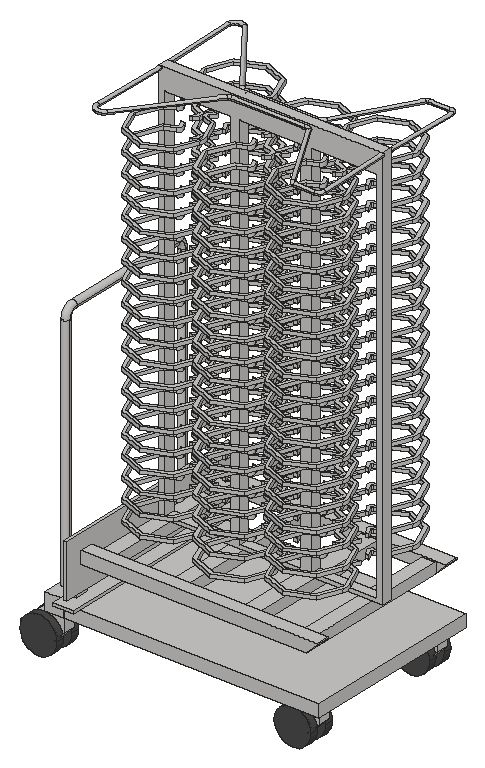
Revit family "QF_ELECTROLUXPROFESSIONAL_922764_TRBA116PL2021C", category Attrezzature speciali, Revit 2020
Family settings
  Quota connettore circolare = Usa diametro
  Tipo di parte = Normale
  Basato su piano di lavoro = No
  Sempre verticale = Sì
  Taglio con vuoti quando caricato = No
  Condiviso = No
  Punto di calcolo locali = No
Parameters (values of type "Standard")
  Weight = 0.00 kg
  Watts = 0 W
  Volts = 0 V
  URL Manufacturer = ""
  URL = ""
  Steam Supply Size = 0 mm
  Steam Supply Minimum Pressure = 0.0 Pa
  Steam Supply Maximum Pressure = 0.0 Pa
  Steam Consumption per Hour = 0
  Show Clearance [instance] = yes
  Refrigeration Suction Line Size = 0 mm
  Refrigeration Liquid Line Size = 0 mm
  Refrigerant Compressor Remote = yes
  Prospetto di default = 0 mm
  Manufacturer = ""
  Phase = 0
  Model = ""
  Length Actual = 700 mm  # constant formula
  Item Number = ""
  Hot Water Size = 0 mm
  Height Actual = 1711 mm  # constant formula
  HP = ""
  Gas Size = 0 mm
  Gas KW = 0
  Gas Input Pressure = 0 W
  Direct Waste Size = 0 mm
  Description = ""
  Depth Actual = 986 mm  # constant formula
  Cycle = 0 Hz
  Condensate Return Size = 0 mm
  Compressed Air Volume = 0.0 L/s
  Compressed Air Size = 0 mm
  Compressed Air Pressure = 0.0 Pa
  Cold Water Size = 0 mm
  Accessory = yes
Reference planes
  plane 1 "Back": y = 0
  plane 2: z = 0
  plane 3 "FRONT": y = -716
  plane 4 "LEFT": x = -126
  plane 5 "RIGHT": x = 901
  plane 6: x = 387.5
  plane 7 "Centro Avanti/Indietro": y = -358
  plane 8: z = 1039
  plane 9: z = 130
  plane 10: z = 303
  plane 11: z = 62.5
  plane 12: y = -47
  plane 13: y = -669
  plane 14: y = -107
  plane 15: y = -609
  plane 16: y = -72.5
  plane 17: y = -643.5
  plane 18: y = -609
  plane 19: y = -107
  plane 20: z = 1712
  plane 21: x = 842.73
  plane 22: x = 8.73
  plane 23: y = -340
  plane 24: y = -376
  plane 25: y = -208.607
  plane 26: x = 504.818
  plane 27: y = -208.607
  plane 28: x = 747.168
  plane 29: y = -208.607
  plane 30: x = 262.467
  plane 31: y = -507.393
  plane 32: x = 504.818
  plane 33: y = -507.393
  plane 34: x = 747.168
  plane 35: y = -507.393
  plane 36: x = 262.467
  plane 37: y = -208.607
  plane 38: x = 747.168
  plane 39: y = -208.607
  plane 40: x = 262.467
  plane 41: y = -507.393
  plane 42: x = 747.168
  plane 43: y = -507.393
  plane 44: x = 262.467
  plane 45: y = -208.607
  plane 46: x = 747.168
  plane 47: y = -208.607
  plane 48: x = 262.467
  plane 49: y = -507.393
  plane 50: x = 747.168
  plane 51: y = -507.393
  plane 52: x = 262.467
  plane 53: y = -208.607
  plane 54: x = 747.168
  plane 55: y = -208.607
  plane 56: x = 262.467
  plane 57: y = -507.393
  plane 58: x = 747.168
  plane 59: y = -507.393
  plane 60: x = 262.467
  plane 61: y = -208.607
  plane 62: x = 747.168
  plane 63: y = -208.607
  plane 64: x = 262.467
  plane 65: y = -507.393
  plane 66: x = 747.168
  plane 67: y = -507.393
  plane 68: x = 262.467
  plane 69: y = -208.607
  plane 70: x = 747.168
  plane 71: y = -208.607
  plane 72: x = 262.467
  plane 73: y = -507.393
  plane 74: x = 747.168
  plane 75: y = -507.393
  plane 76: x = 262.467
  plane 77: y = -208.607
  plane 78: x = 747.168
  plane 79: y = -208.607
  plane 80: x = 262.467
  plane 81: y = -507.393
  plane 82: x = 747.168
  plane 83: y = -507.393
  plane 84: x = 262.467
  plane 85: y = -208.607
  plane 86: x = 747.168
  plane 87: y = -208.607
  plane 88: x = 262.467
  plane 89: y = -507.393
  plane 90: x = 747.168
  plane 91: y = -507.393
  plane 92: x = 262.467
  plane 93: y = -208.607
  plane 94: x = 747.168
  plane 95: y = -208.607
  plane 96: x = 262.467
  plane 97: y = -507.393
  plane 98: x = 747.168
  plane 99: y = -507.393
  plane 100: x = 262.467
  plane 101: y = -208.607
  plane 102: x = 747.168
  plane 103: y = -208.607
  plane 104: x = 262.467
  plane 105: y = -507.393
  plane 106: x = 747.168
  plane 107: y = -507.393
  plane 108: x = 262.467
  plane 109: y = -208.607
  plane 110: x = 747.168
  plane 111: y = -208.607
  plane 112: x = 262.467
  plane 113: y = -507.393
  plane 114: x = 747.168
  plane 115: y = -507.393
  plane 116: x = 262.467
  plane 117: y = -208.607
  plane 118: x = 747.168
  plane 119: y = -208.607
  plane 120: x = 262.467
  plane 121: y = -507.393
  plane 122: x = 747.168
  plane 123: y = -507.393
  plane 124: x = 262.467
  plane 125: y = -208.607
  plane 126: x = 747.168
  plane 127: y = -208.607
  plane 128: x = 262.467
  plane 129: y = -507.393
  plane 130: x = 747.168
  plane 131: y = -507.393
  plane 132: x = 262.467
  plane 133: y = -208.607
  plane 134: x = 747.168
  plane 135: y = -208.607
  plane 136: x = 262.467
  plane 137: y = -507.393
  plane 138: x = 747.168
  plane 139: y = -507.393
  plane 140: x = 262.467
  plane 141: y = -208.607
  plane 142: x = 747.168
  plane 143: y = -208.607
  plane 144: x = 262.467
  plane 145: y = -507.393
  plane 146: x = 747.168
  plane 147: y = -507.393
  plane 148: x = 262.467
  plane 149: y = -208.607
  plane 150: x = 747.168
  plane 151: y = -208.607
  plane 152: x = 262.467
  plane 153: y = -507.393
  plane 154: x = 747.168
  plane 155: y = -507.393
  plane 156: x = 262.467
  plane 157: y = -208.607
  plane 158: x = 747.168
  plane 159: y = -208.607
  plane 160: x = 262.467
  plane 161: y = -507.393
  plane 162: x = 747.168
  plane 163: y = -507.393
  plane 164: x = 262.467
  plane 165: y = -208.607
  plane 166: x = 747.168
  plane 167: y = -208.607
  plane 168: x = 262.467
  plane 169: y = -507.393
  plane 170: x = 747.168
  plane 171: y = -507.393
  plane 172: x = 262.467
  plane 173: y = -208.607
  plane 174: x = 747.168
  plane 175: y = -208.607
  plane 176: x = 262.467
  plane 177: y = -507.393
  plane 178: x = 747.168
  plane 179: y = -507.393
  plane 180: x = 262.467
  plane 181: y = -208.607
  plane 182: x = 504.818
  plane 183: y = -507.393
  plane 184: x = 504.818
  plane 185: y = -208.607
  plane 186: x = 504.818
  plane 187: y = -507.393
  plane 188: x = 504.818
  plane 189: y = -208.607
  plane 190: x = 504.818
  plane 191: y = -507.393
  plane 192: x = 504.818
  plane 193: y = -208.607
  plane 194: x = 504.818
  plane 195: y = -507.393
  plane 196: x = 504.818
  plane 197: y = -208.607
  plane 198: x = 504.818
  plane 199: y = -507.393
  plane 200: x = 504.818
  plane 201: y = -208.607
  plane 202: x = 504.818
  plane 203: y = -507.393
  plane 204: x = 504.818
  plane 205: y = -208.607
  plane 206: x = 504.818
  plane 207: y = -507.393
  plane 208: x = 504.818
  plane 209: y = -208.607
  plane 210: x = 504.818
  plane 211: y = -507.393
  plane 212: x = 504.818
  plane 213: y = -208.607
  plane 214: x = 504.818
  plane 215: y = -507.393
  plane 216: x = 504.818
  plane 217: y = -208.607
  plane 218: x = 504.818
  plane 219: y = -507.393
  plane 220: x = 504.818
  plane 221: y = -208.607
  plane 222: x = 504.818
  plane 223: y = -507.393
  plane 224: x = 504.818
  plane 225: y = -208.607
  plane 226: x = 504.818
  plane 227: y = -507.393
  plane 228: x = 504.818
  plane 229: y = -208.607
  plane 230: x = 504.818
  plane 231: y = -507.393
  plane 232: x = 504.818
  plane 233: y = -208.607
  plane 234: x = 504.818
  plane 235: y = -507.393
  plane 236: x = 504.818
  plane 237: y = -208.607
  plane 238: x = 504.818
  plane 239: y = -507.393
  plane 240: x = 504.818
  plane 241: y = -208.607
  plane 242: x = 504.818
  plane 243: y = -507.393
  plane 244: x = 504.818
  plane 245: y = -208.607
  plane 246: x = 504.818
  plane 247: y = -507.393
  plane 248: x = 504.818
  plane 249: y = -208.607
  plane 250: x = 504.818
  plane 251: y = -507.393
  plane 252: x = 504.818
Forms (mm)
  Extrusion 1, solid, material "QF_Finishes_Stainless Steel"
    sketch origin (0, 0, 0) x (1, 0, 0) y (0, 1, 0)
      loop
        line (36.598, -47) -> (36.598, -669) -> (901, -669) -> (901, -47) -> (36.598, -47)
    from 172.815 to 130
  Extrusion 2, solid, material "QF_Finishes_Stainless Steel"
    sketch origin (0, 250, 0) x (-1, 0, 0) y (0, 0, 1)
      loop
        line (27.318, 188.74) -> (-36.598, 188.74) -> (-36.598, 130) -> (27.318, 130) -> (27.318, 188.74)
    from -919 to -297
  Extrusion 3, solid, material "QF_Finishes_Stainless Steel"
    sketch origin (0, 0, 0) x (1, 0, 0) y (0, 1, 0)
      loop
        line (36.598, 0) -> (36.598, -716) -> (107.934, -716) -> (107.934, 0) -> (36.598, 0)
    from 188.74 to 196.958
  Extrusion 4, solid, material "QF_Finishes_Stainless Steel"
    sketch origin (0, 0, 0) x (0, 1, 0) y (0, 0, 1)
      loop
        line (-13.074, 393.148) -> (-707.18, 393.148) -> (-707.18, 213.148) -> (-13.074, 213.148) -> (-13.074, 393.148)
    from 68.292 to 79
  Extrusion 5, solid, material "QF_Finishes_Stainless Steel"
    sketch origin (0, 240.485, 0) x (-1, 0, 0) y (0, 0, 1)
      loop
        line (-79, 343.896) -> (-883.703, 343.896) -> (-883.703, 338.896) -> (-847.807, 303) -> (-79, 303) -> (-79, 343.896)
    from -348.485 to -303.364
  Extrusion 6, solid, material "QF_Finishes_Stainless Steel"
    sketch origin (0, -957.069, 0) x (-1, 0, 0) y (0, 0, -1)
      loop
        line (-79, -343.896) -> (-79, -303) -> (-847.807, -303) -> (-883.703, -338.896) -> (-883.703, -343.896) -> (-79, -343.896)
    from -349.069 to -303.949
  Extrusion 7, solid, material "QF_Finishes_Stainless Steel"
    sketch origin (0, 0.569, 0) x (1, 0, 0) y (0, 1, 0)
      loop
        line (36.598, -63.449) -> (36.598, -107.569) -> (68.292, -107.569) -> (68.292, -63.449) -> (36.598, -63.449)
    from 172.815 to 343.896
  Extrusion 8, solid, material "QF_Finishes_Stainless Steel"
    sketch origin (0, -544.569, 0) x (1, 0, 0) y (0, 1, 0)
      loop
        line (36.598, -108.551) -> (68.292, -108.551) -> (68.292, -64.431) -> (36.598, -64.431) -> (36.598, -108.551)
    from 172.815 to 343.896
  Sweep 9, solid, material "QF_Finishes_Stainless Steel"
    path origin (-7.5, 0, 0) x (0, 1, 0) y (0, 0, 1)
      loop
        line (-112, 188.74) -> (-112, 996.5)
        arc (-112, 996.5) -> (-120.787, 1017.713) -> (-142, 1026.5) r 30
        line (-142, 1026.5) -> (-574, 1026.5)
        arc (-574, 1026.5) -> (-595.213, 1017.713) -> (-604, 996.5) r 30
        line (-604, 996.5) -> (-604, 188.74)
    profile origin (-7.5, -604, 592.62) x (1, 0, 0) y (0, 1, 0)
      loop
        circle (0, 0) r 12.5
  Extrusion 10, solid, material "QF_Finishes_Stainless Steel"
    sketch origin (0, 250, 0) x (-1, 0, 0) y (0, 0, 1)
      loop
        line (-125.748, 1712) -> (-883.703, 1712) -> (-883.703, 338.896) -> (-125.748, 338.896) -> (-125.748, 1712)
      loop
        line (-145.361, 1641.621) -> (-368.705, 1641.621) -> (-368.705, 350.1) -> (-145.361, 350.1) -> (-145.361, 1641.621)
      loop
        line (-607.139, 1641.621) -> (-607.139, 350.1) -> (-398.795, 350.1) -> (-398.795, 1641.621) -> (-607.139, 1641.621)
      loop
        line (-642.139, 1641.621) -> (-862.983, 1641.621) -> (-862.983, 350.1) -> (-642.139, 350.1) -> (-642.139, 1641.621)
    from -626 to -590
  Extrusion 11, solid, material "QF_Finishes_Stainless Steel"
    sketch origin (0, 0, 0) x (1, 0, 0) y (0, 1, 0)
      loop
        line (363.41, -108) -> (363.41, -608) -> (411.473, -608) -> (411.473, -108) -> (363.41, -108)
      loop
        line (600.624, -107) -> (600.624, -609) -> (654.113, -609) -> (654.113, -107) -> (600.624, -107)
      loop
        line (802.644, -107) -> (802.644, -608) -> (847.807, -608) -> (847.807, -107) -> (802.644, -107)
      loop
        line (164.956, -108) -> (117.669, -108) -> (117.669, -608) -> (164.956, -608) -> (164.956, -108)
    from 303 to 338.896
  Extrusion 12, solid, material "QF_Finishes_Stainless Steel"
    sketch origin (0, 0, -33) x (1, 0, 0) y (0, 1, 0)
      loop
        line (504.818, -94.427) -> (586.628, -130.461) -> (618.997, -206.718) -> (586.499, -287.064) -> (551.98, -301.717)
        arc (551.98, -301.717) -> (543.616, -310.765) -> (544.85, -323.024) r 15
        line (544.85, -323.024) -> (554.651, -340) -> (567.657, -340) -> (555.12, -318.284)
        arc (555.12, -318.284) -> (554.708, -314.196) -> (557.498, -311.181) r 5
        line (557.498, -311.181) -> (593.566, -295.887) -> (623.076, -222.928)
        arc (623.076, -222.928) -> (625.993, -207.596) -> (622.82, -192.315) r 40
        line (622.82, -192.315) -> (592.098, -119.859) -> (503.779, -84.136) -> (416.069, -121.327) -> (386.559, -194.286)
        arc (386.559, -194.286) -> (383.642, -209.618) -> (386.815, -224.899) r 40
        line (386.815, -224.899) -> (417.538, -297.355) -> (452.988, -311.71)
        arc (452.988, -311.71) -> (455.84, -314.719) -> (455.442, -318.845) r 5
        line (455.442, -318.845) -> (443.228, -340) -> (456.234, -340) -> (466.099, -322.914)
        arc (466.099, -322.914) -> (467.293, -310.536) -> (458.738, -301.51) r 15
        line (458.738, -301.51) -> (426.361, -288.4) -> (392.491, -208.607) -> (428.561, -126.797) -> (504.818, -94.427)
    from 1622.45 to 1634.145
  Extrusion 13, solid, material "QF_Finishes_Stainless Steel"
    sketch origin (1251.986, 0, 0) x (-1, 0, 0) y (0, -1, 0)
      loop
        line (504.818, 94.427) -> (428.561, 126.797) -> (392.491, 208.607) -> (426.361, 288.4) -> (458.738, 301.51)
        arc (458.738, 301.51) -> (467.293, 310.536) -> (466.099, 322.914) r 15
        line (466.099, 322.914) -> (456.234, 340) -> (443.228, 340) -> (455.442, 318.845)
        arc (455.442, 318.845) -> (455.84, 314.719) -> (452.988, 311.71) r 5
        line (452.988, 311.71) -> (417.538, 297.355) -> (386.815, 224.899)
        arc (386.815, 224.899) -> (383.642, 209.618) -> (386.559, 194.286) r 40
        line (386.559, 194.286) -> (416.069, 121.327) -> (503.779, 84.136) -> (592.098, 119.859) -> (622.82, 192.315)
        arc (622.82, 192.315) -> (625.993, 207.596) -> (623.076, 222.928) r 40
        line (623.076, 222.928) -> (593.566, 295.887) -> (557.498, 311.181)
        arc (557.498, 311.181) -> (554.708, 314.196) -> (555.12, 318.284) r 5
        line (555.12, 318.284) -> (567.657, 340) -> (554.651, 340) -> (544.85, 323.024)
        arc (544.85, 323.024) -> (543.616, 310.765) -> (551.98, 301.717) r 15
        line (551.98, 301.717) -> (586.499, 287.064) -> (618.997, 206.718) -> (586.628, 130.461) -> (504.818, 94.427)
    from 1622.45 to 1634.145
  Extrusion 14, solid, material "QF_Finishes_Stainless Steel"
    sketch origin (767.285, 0, 0) x (-1, 0, 0) y (0, -1, 0)
      loop
        line (504.818, 94.427) -> (428.561, 126.797) -> (392.491, 208.607) -> (426.361, 288.4) -> (458.738, 301.51)
        arc (458.738, 301.51) -> (467.293, 310.536) -> (466.099, 322.914) r 15
        line (466.099, 322.914) -> (456.234, 340) -> (443.228, 340) -> (455.442, 318.845)
        arc (455.442, 318.845) -> (455.84, 314.719) -> (452.988, 311.71) r 5
        line (452.988, 311.71) -> (417.538, 297.355) -> (386.815, 224.899)
        arc (386.815, 224.899) -> (383.642, 209.618) -> (386.559, 194.286) r 40
        line (386.559, 194.286) -> (416.069, 121.327) -> (503.779, 84.136) -> (592.098, 119.859) -> (622.82, 192.315)
        arc (622.82, 192.315) -> (625.993, 207.596) -> (623.076, 222.928) r 40
        line (623.076, 222.928) -> (593.566, 295.887) -> (557.498, 311.181)
        arc (557.498, 311.181) -> (554.708, 314.196) -> (555.12, 318.284) r 5
        line (555.12, 318.284) -> (567.657, 340) -> (554.651, 340) -> (544.85, 323.024)
        arc (544.85, 323.024) -> (543.616, 310.765) -> (551.98, 301.717) r 15
        line (551.98, 301.717) -> (586.499, 287.064) -> (618.997, 206.718) -> (586.628, 130.461) -> (504.818, 94.427)
    from 1622.45 to 1634.145
  Extrusion 15, solid, material "QF_Finishes_Stainless Steel"
    sketch origin (0, -716, -33) x (1, 0, 0) y (0, 1, 0)
      loop
        line (504.818, 94.427) -> (428.561, 126.797) -> (392.491, 208.607) -> (426.361, 288.4) -> (458.738, 301.51)
        arc (458.738, 301.51) -> (467.293, 310.536) -> (466.099, 322.914) r 15
        line (466.099, 322.914) -> (456.234, 340) -> (443.228, 340) -> (455.442, 318.845)
        arc (455.442, 318.845) -> (455.84, 314.719) -> (452.988, 311.71) r 5
        line (452.988, 311.71) -> (417.538, 297.355) -> (386.815, 224.899)
        arc (386.815, 224.899) -> (383.642, 209.618) -> (386.559, 194.286) r 40
        line (386.559, 194.286) -> (416.069, 121.327) -> (503.779, 84.136) -> (592.098, 119.859) -> (622.82, 192.315)
        arc (622.82, 192.315) -> (625.993, 207.596) -> (623.076, 222.928) r 40
        line (623.076, 222.928) -> (593.566, 295.887) -> (557.498, 311.181)
        arc (557.498, 311.181) -> (554.708, 314.196) -> (555.12, 318.284) r 5
        line (555.12, 318.284) -> (567.657, 340) -> (554.651, 340) -> (544.85, 323.024)
        arc (544.85, 323.024) -> (543.616, 310.765) -> (551.98, 301.717) r 15
        line (551.98, 301.717) -> (586.499, 287.064) -> (618.997, 206.718) -> (586.628, 130.461) -> (504.818, 94.427)
    from 1622.45 to 1634.145
  Extrusion 16, solid, material "QF_Finishes_Stainless Steel"
    sketch origin (1251.986, -716, 0) x (-1, 0, 0) y (0, -1, 0)
      loop
        line (504.818, -94.427) -> (586.628, -130.461) -> (618.997, -206.718) -> (586.499, -287.064) -> (551.98, -301.717)
        arc (551.98, -301.717) -> (543.616, -310.765) -> (544.85, -323.024) r 15
        line (544.85, -323.024) -> (554.651, -340) -> (567.657, -340) -> (555.12, -318.284)
        arc (555.12, -318.284) -> (554.708, -314.196) -> (557.498, -311.181) r 5
        line (557.498, -311.181) -> (593.566, -295.887) -> (623.076, -222.928)
        arc (623.076, -222.928) -> (625.993, -207.596) -> (622.82, -192.315) r 40
        line (622.82, -192.315) -> (592.098, -119.859) -> (503.779, -84.136) -> (416.069, -121.327) -> (386.559, -194.286)
        arc (386.559, -194.286) -> (383.642, -209.618) -> (386.815, -224.899) r 40
        line (386.815, -224.899) -> (417.538, -297.355) -> (452.988, -311.71)
        arc (452.988, -311.71) -> (455.84, -314.719) -> (455.442, -318.845) r 5
        line (455.442, -318.845) -> (443.228, -340) -> (456.234, -340) -> (466.099, -322.914)
        arc (466.099, -322.914) -> (467.293, -310.536) -> (458.738, -301.51) r 15
        line (458.738, -301.51) -> (426.361, -288.4) -> (392.491, -208.607) -> (428.561, -126.797) -> (504.818, -94.427)
    from 1622.45 to 1634.145
  Extrusion 17, solid, material "QF_Finishes_Stainless Steel"
    sketch origin (767.285, -716, 0) x (-1, 0, 0) y (0, -1, 0)
      loop
        line (504.818, -94.427) -> (586.628, -130.461) -> (618.997, -206.718) -> (586.499, -287.064) -> (551.98, -301.717)
        arc (551.98, -301.717) -> (543.616, -310.765) -> (544.85, -323.024) r 15
        line (544.85, -323.024) -> (554.651, -340) -> (567.657, -340) -> (555.12, -318.284)
        arc (555.12, -318.284) -> (554.708, -314.196) -> (557.498, -311.181) r 5
        line (557.498, -311.181) -> (593.566, -295.887) -> (623.076, -222.928)
        arc (623.076, -222.928) -> (625.993, -207.596) -> (622.82, -192.315) r 40
        line (622.82, -192.315) -> (592.098, -119.859) -> (503.779, -84.136) -> (416.069, -121.327) -> (386.559, -194.286)
        arc (386.559, -194.286) -> (383.642, -209.618) -> (386.815, -224.899) r 40
        line (386.815, -224.899) -> (417.538, -297.355) -> (452.988, -311.71)
        arc (452.988, -311.71) -> (455.84, -314.719) -> (455.442, -318.845) r 5
        line (455.442, -318.845) -> (443.228, -340) -> (456.234, -340) -> (466.099, -322.914)
        arc (466.099, -322.914) -> (467.293, -310.536) -> (458.738, -301.51) r 15
        line (458.738, -301.51) -> (426.361, -288.4) -> (392.491, -208.607) -> (428.561, -126.797) -> (504.818, -94.427)
    from 1622.45 to 1634.145
  Extrusion 18, solid, material "QF_Finishes_Stainless Steel"
    sketch origin (1251.986, 0, -66) x (-1, 0, 0) y (0, -1, 0)
      loop
        line (504.818, 94.427) -> (428.561, 126.797) -> (392.491, 208.607) -> (426.361, 288.4) -> (458.738, 301.51)
        arc (458.738, 301.51) -> (467.293, 310.536) -> (466.099, 322.914) r 15
        line (466.099, 322.914) -> (456.234, 340) -> (443.228, 340) -> (455.442, 318.845)
        arc (455.442, 318.845) -> (455.84, 314.719) -> (452.988, 311.71) r 5
        line (452.988, 311.71) -> (417.538, 297.355) -> (386.815, 224.899)
        arc (386.815, 224.899) -> (383.642, 209.618) -> (386.559, 194.286) r 40
        line (386.559, 194.286) -> (416.069, 121.327) -> (503.779, 84.136) -> (592.098, 119.859) -> (622.82, 192.315)
        arc (622.82, 192.315) -> (625.993, 207.596) -> (623.076, 222.928) r 40
        line (623.076, 222.928) -> (593.566, 295.887) -> (557.498, 311.181)
        arc (557.498, 311.181) -> (554.708, 314.196) -> (555.12, 318.284) r 5
        line (555.12, 318.284) -> (567.657, 340) -> (554.651, 340) -> (544.85, 323.024)
        arc (544.85, 323.024) -> (543.616, 310.765) -> (551.98, 301.717) r 15
        line (551.98, 301.717) -> (586.499, 287.064) -> (618.997, 206.718) -> (586.628, 130.461) -> (504.818, 94.427)
    from 1622.45 to 1634.145
  Extrusion 19, solid, material "QF_Finishes_Stainless Steel"
    sketch origin (767.285, 0, -66) x (-1, 0, 0) y (0, -1, 0)
      loop
        line (504.818, 94.427) -> (428.561, 126.797) -> (392.491, 208.607) -> (426.361, 288.4) -> (458.738, 301.51)
        arc (458.738, 301.51) -> (467.293, 310.536) -> (466.099, 322.914) r 15
        line (466.099, 322.914) -> (456.234, 340) -> (443.228, 340) -> (455.442, 318.845)
        arc (455.442, 318.845) -> (455.84, 314.719) -> (452.988, 311.71) r 5
        line (452.988, 311.71) -> (417.538, 297.355) -> (386.815, 224.899)
        arc (386.815, 224.899) -> (383.642, 209.618) -> (386.559, 194.286) r 40
        line (386.559, 194.286) -> (416.069, 121.327) -> (503.779, 84.136) -> (592.098, 119.859) -> (622.82, 192.315)
        arc (622.82, 192.315) -> (625.993, 207.596) -> (623.076, 222.928) r 40
        line (623.076, 222.928) -> (593.566, 295.887) -> (557.498, 311.181)
        arc (557.498, 311.181) -> (554.708, 314.196) -> (555.12, 318.284) r 5
        line (555.12, 318.284) -> (567.657, 340) -> (554.651, 340) -> (544.85, 323.024)
        arc (544.85, 323.024) -> (543.616, 310.765) -> (551.98, 301.717) r 15
        line (551.98, 301.717) -> (586.499, 287.064) -> (618.997, 206.718) -> (586.628, 130.461) -> (504.818, 94.427)
    from 1622.45 to 1634.145
  Extrusion 20, solid, material "QF_Finishes_Stainless Steel"
    sketch origin (1251.986, -716, -66) x (-1, 0, 0) y (0, -1, 0)
      loop
        line (504.818, -94.427) -> (586.628, -130.461) -> (618.997, -206.718) -> (586.499, -287.064) -> (551.98, -301.717)
        arc (551.98, -301.717) -> (543.616, -310.765) -> (544.85, -323.024) r 15
        line (544.85, -323.024) -> (554.651, -340) -> (567.657, -340) -> (555.12, -318.284)
        arc (555.12, -318.284) -> (554.708, -314.196) -> (557.498, -311.181) r 5
        line (557.498, -311.181) -> (593.566, -295.887) -> (623.076, -222.928)
        arc (623.076, -222.928) -> (625.993, -207.596) -> (622.82, -192.315) r 40
        line (622.82, -192.315) -> (592.098, -119.859) -> (503.779, -84.136) -> (416.069, -121.327) -> (386.559, -194.286)
        arc (386.559, -194.286) -> (383.642, -209.618) -> (386.815, -224.899) r 40
        line (386.815, -224.899) -> (417.538, -297.355) -> (452.988, -311.71)
        arc (452.988, -311.71) -> (455.84, -314.719) -> (455.442, -318.845) r 5
        line (455.442, -318.845) -> (443.228, -340) -> (456.234, -340) -> (466.099, -322.914)
        arc (466.099, -322.914) -> (467.293, -310.536) -> (458.738, -301.51) r 15
        line (458.738, -301.51) -> (426.361, -288.4) -> (392.491, -208.607) -> (428.561, -126.797) -> (504.818, -94.427)
    from 1622.45 to 1634.145
  Extrusion 21, solid, material "QF_Finishes_Stainless Steel"
    sketch origin (767.285, -716, -66) x (-1, 0, 0) y (0, -1, 0)
      loop
        line (504.818, -94.427) -> (586.628, -130.461) -> (618.997, -206.718) -> (586.499, -287.064) -> (551.98, -301.717)
        arc (551.98, -301.717) -> (543.616, -310.765) -> (544.85, -323.024) r 15
        line (544.85, -323.024) -> (554.651, -340) -> (567.657, -340) -> (555.12, -318.284)
        arc (555.12, -318.284) -> (554.708, -314.196) -> (557.498, -311.181) r 5
        line (557.498, -311.181) -> (593.566, -295.887) -> (623.076, -222.928)
        arc (623.076, -222.928) -> (625.993, -207.596) -> (622.82, -192.315) r 40
        line (622.82, -192.315) -> (592.098, -119.859) -> (503.779, -84.136) -> (416.069, -121.327) -> (386.559, -194.286)
        arc (386.559, -194.286) -> (383.642, -209.618) -> (386.815, -224.899) r 40
        line (386.815, -224.899) -> (417.538, -297.355) -> (452.988, -311.71)
        arc (452.988, -311.71) -> (455.84, -314.719) -> (455.442, -318.845) r 5
        line (455.442, -318.845) -> (443.228, -340) -> (456.234, -340) -> (466.099, -322.914)
        arc (466.099, -322.914) -> (467.293, -310.536) -> (458.738, -301.51) r 15
        line (458.738, -301.51) -> (426.361, -288.4) -> (392.491, -208.607) -> (428.561, -126.797) -> (504.818, -94.427)
    from 1622.45 to 1634.145
  Extrusion 22, solid, material "QF_Finishes_Stainless Steel"
    sketch origin (1251.986, 0, -132) x (-1, 0, 0) y (0, -1, 0)
      loop
        line (504.818, 94.427) -> (428.561, 126.797) -> (392.491, 208.607) -> (426.361, 288.4) -> (458.738, 301.51)
        arc (458.738, 301.51) -> (467.293, 310.536) -> (466.099, 322.914) r 15
        line (466.099, 322.914) -> (456.234, 340) -> (443.228, 340) -> (455.442, 318.845)
        arc (455.442, 318.845) -> (455.84, 314.719) -> (452.988, 311.71) r 5
        line (452.988, 311.71) -> (417.538, 297.355) -> (386.815, 224.899)
        arc (386.815, 224.899) -> (383.642, 209.618) -> (386.559, 194.286) r 40
        line (386.559, 194.286) -> (416.069, 121.327) -> (503.779, 84.136) -> (592.098, 119.859) -> (622.82, 192.315)
        arc (622.82, 192.315) -> (625.993, 207.596) -> (623.076, 222.928) r 40
        line (623.076, 222.928) -> (593.566, 295.887) -> (557.498, 311.181)
        arc (557.498, 311.181) -> (554.708, 314.196) -> (555.12, 318.284) r 5
        line (555.12, 318.284) -> (567.657, 340) -> (554.651, 340) -> (544.85, 323.024)
        arc (544.85, 323.024) -> (543.616, 310.765) -> (551.98, 301.717) r 15
        line (551.98, 301.717) -> (586.499, 287.064) -> (618.997, 206.718) -> (586.628, 130.461) -> (504.818, 94.427)
    from 1622.45 to 1634.145
  Extrusion 23, solid, material "QF_Finishes_Stainless Steel"
    sketch origin (767.285, 0, -132) x (-1, 0, 0) y (0, -1, 0)
      loop
        line (504.818, 94.427) -> (428.561, 126.797) -> (392.491, 208.607) -> (426.361, 288.4) -> (458.738, 301.51)
        arc (458.738, 301.51) -> (467.293, 310.536) -> (466.099, 322.914) r 15
        line (466.099, 322.914) -> (456.234, 340) -> (443.228, 340) -> (455.442, 318.845)
        arc (455.442, 318.845) -> (455.84, 314.719) -> (452.988, 311.71) r 5
        line (452.988, 311.71) -> (417.538, 297.355) -> (386.815, 224.899)
        arc (386.815, 224.899) -> (383.642, 209.618) -> (386.559, 194.286) r 40
        line (386.559, 194.286) -> (416.069, 121.327) -> (503.779, 84.136) -> (592.098, 119.859) -> (622.82, 192.315)
        arc (622.82, 192.315) -> (625.993, 207.596) -> (623.076, 222.928) r 40
        line (623.076, 222.928) -> (593.566, 295.887) -> (557.498, 311.181)
        arc (557.498, 311.181) -> (554.708, 314.196) -> (555.12, 318.284) r 5
        line (555.12, 318.284) -> (567.657, 340) -> (554.651, 340) -> (544.85, 323.024)
        arc (544.85, 323.024) -> (543.616, 310.765) -> (551.98, 301.717) r 15
        line (551.98, 301.717) -> (586.499, 287.064) -> (618.997, 206.718) -> (586.628, 130.461) -> (504.818, 94.427)
    from 1622.45 to 1634.145
  Extrusion 24, solid, material "QF_Finishes_Stainless Steel"
    sketch origin (1251.986, -716, -132) x (-1, 0, 0) y (0, -1, 0)
      loop
        line (504.818, -94.427) -> (586.628, -130.461) -> (618.997, -206.718) -> (586.499, -287.064) -> (551.98, -301.717)
        arc (551.98, -301.717) -> (543.616, -310.765) -> (544.85, -323.024) r 15
        line (544.85, -323.024) -> (554.651, -340) -> (567.657, -340) -> (555.12, -318.284)
        arc (555.12, -318.284) -> (554.708, -314.196) -> (557.498, -311.181) r 5
        line (557.498, -311.181) -> (593.566, -295.887) -> (623.076, -222.928)
        arc (623.076, -222.928) -> (625.993, -207.596) -> (622.82, -192.315) r 40
        line (622.82, -192.315) -> (592.098, -119.859) -> (503.779, -84.136) -> (416.069, -121.327) -> (386.559, -194.286)
        arc (386.559, -194.286) -> (383.642, -209.618) -> (386.815, -224.899) r 40
        line (386.815, -224.899) -> (417.538, -297.355) -> (452.988, -311.71)
        arc (452.988, -311.71) -> (455.84, -314.719) -> (455.442, -318.845) r 5
        line (455.442, -318.845) -> (443.228, -340) -> (456.234, -340) -> (466.099, -322.914)
        arc (466.099, -322.914) -> (467.293, -310.536) -> (458.738, -301.51) r 15
        line (458.738, -301.51) -> (426.361, -288.4) -> (392.491, -208.607) -> (428.561, -126.797) -> (504.818, -94.427)
    from 1622.45 to 1634.145
  Extrusion 25, solid, material "QF_Finishes_Stainless Steel"
    sketch origin (767.285, -716, -132) x (-1, 0, 0) y (0, -1, 0)
      loop
        line (504.818, -94.427) -> (586.628, -130.461) -> (618.997, -206.718) -> (586.499, -287.064) -> (551.98, -301.717)
        arc (551.98, -301.717) -> (543.616, -310.765) -> (544.85, -323.024) r 15
        line (544.85, -323.024) -> (554.651, -340) -> (567.657, -340) -> (555.12, -318.284)
        arc (555.12, -318.284) -> (554.708, -314.196) -> (557.498, -311.181) r 5
        line (557.498, -311.181) -> (593.566, -295.887) -> (623.076, -222.928)
        arc (623.076, -222.928) -> (625.993, -207.596) -> (622.82, -192.315) r 40
        line (622.82, -192.315) -> (592.098, -119.859) -> (503.779, -84.136) -> (416.069, -121.327) -> (386.559, -194.286)
        arc (386.559, -194.286) -> (383.642, -209.618) -> (386.815, -224.899) r 40
        line (386.815, -224.899) -> (417.538, -297.355) -> (452.988, -311.71)
        arc (452.988, -311.71) -> (455.84, -314.719) -> (455.442, -318.845) r 5
        line (455.442, -318.845) -> (443.228, -340) -> (456.234, -340) -> (466.099, -322.914)
        arc (466.099, -322.914) -> (467.293, -310.536) -> (458.738, -301.51) r 15
        line (458.738, -301.51) -> (426.361, -288.4) -> (392.491, -208.607) -> (428.561, -126.797) -> (504.818, -94.427)
    from 1622.45 to 1634.145
  Extrusion 26, solid, material "QF_Finishes_Stainless Steel"
    sketch origin (1251.986, 0, -198) x (-1, 0, 0) y (0, -1, 0)
      loop
        line (504.818, 94.427) -> (428.561, 126.797) -> (392.491, 208.607) -> (426.361, 288.4) -> (458.738, 301.51)
        arc (458.738, 301.51) -> (467.293, 310.536) -> (466.099, 322.914) r 15
        line (466.099, 322.914) -> (456.234, 340) -> (443.228, 340) -> (455.442, 318.845)
        arc (455.442, 318.845) -> (455.84, 314.719) -> (452.988, 311.71) r 5
        line (452.988, 311.71) -> (417.538, 297.355) -> (386.815, 224.899)
        arc (386.815, 224.899) -> (383.642, 209.618) -> (386.559, 194.286) r 40
        line (386.559, 194.286) -> (416.069, 121.327) -> (503.779, 84.136) -> (592.098, 119.859) -> (622.82, 192.315)
        arc (622.82, 192.315) -> (625.993, 207.596) -> (623.076, 222.928) r 40
        line (623.076, 222.928) -> (593.566, 295.887) -> (557.498, 311.181)
        arc (557.498, 311.181) -> (554.708, 314.196) -> (555.12, 318.284) r 5
        line (555.12, 318.284) -> (567.657, 340) -> (554.651, 340) -> (544.85, 323.024)
        arc (544.85, 323.024) -> (543.616, 310.765) -> (551.98, 301.717) r 15
        line (551.98, 301.717) -> (586.499, 287.064) -> (618.997, 206.718) -> (586.628, 130.461) -> (504.818, 94.427)
    from 1622.45 to 1634.145
  Extrusion 27, solid, material "QF_Finishes_Stainless Steel"
    sketch origin (767.285, 0, -198) x (-1, 0, 0) y (0, -1, 0)
      loop
        line (504.818, 94.427) -> (428.561, 126.797) -> (392.491, 208.607) -> (426.361, 288.4) -> (458.738, 301.51)
        arc (458.738, 301.51) -> (467.293, 310.536) -> (466.099, 322.914) r 15
        line (466.099, 322.914) -> (456.234, 340) -> (443.228, 340) -> (455.442, 318.845)
        arc (455.442, 318.845) -> (455.84, 314.719) -> (452.988, 311.71) r 5
        line (452.988, 311.71) -> (417.538, 297.355) -> (386.815, 224.899)
        arc (386.815, 224.899) -> (383.642, 209.618) -> (386.559, 194.286) r 40
        line (386.559, 194.286) -> (416.069, 121.327) -> (503.779, 84.136) -> (592.098, 119.859) -> (622.82, 192.315)
        arc (622.82, 192.315) -> (625.993, 207.596) -> (623.076, 222.928) r 40
        line (623.076, 222.928) -> (593.566, 295.887) -> (557.498, 311.181)
        arc (557.498, 311.181) -> (554.708, 314.196) -> (555.12, 318.284) r 5
        line (555.12, 318.284) -> (567.657, 340) -> (554.651, 340) -> (544.85, 323.024)
        arc (544.85, 323.024) -> (543.616, 310.765) -> (551.98, 301.717) r 15
        line (551.98, 301.717) -> (586.499, 287.064) -> (618.997, 206.718) -> (586.628, 130.461) -> (504.818, 94.427)
    from 1622.45 to 1634.145
  Extrusion 28, solid, material "QF_Finishes_Stainless Steel"
    sketch origin (1251.986, -716, -198) x (-1, 0, 0) y (0, -1, 0)
      loop
        line (504.818, -94.427) -> (586.628, -130.461) -> (618.997, -206.718) -> (586.499, -287.064) -> (551.98, -301.717)
        arc (551.98, -301.717) -> (543.616, -310.765) -> (544.85, -323.024) r 15
        line (544.85, -323.024) -> (554.651, -340) -> (567.657, -340) -> (555.12, -318.284)
        arc (555.12, -318.284) -> (554.708, -314.196) -> (557.498, -311.181) r 5
        line (557.498, -311.181) -> (593.566, -295.887) -> (623.076, -222.928)
        arc (623.076, -222.928) -> (625.993, -207.596) -> (622.82, -192.315) r 40
        line (622.82, -192.315) -> (592.098, -119.859) -> (503.779, -84.136) -> (416.069, -121.327) -> (386.559, -194.286)
        arc (386.559, -194.286) -> (383.642, -209.618) -> (386.815, -224.899) r 40
        line (386.815, -224.899) -> (417.538, -297.355) -> (452.988, -311.71)
        arc (452.988, -311.71) -> (455.84, -314.719) -> (455.442, -318.845) r 5
        line (455.442, -318.845) -> (443.228, -340) -> (456.234, -340) -> (466.099, -322.914)
        arc (466.099, -322.914) -> (467.293, -310.536) -> (458.738, -301.51) r 15
        line (458.738, -301.51) -> (426.361, -288.4) -> (392.491, -208.607) -> (428.561, -126.797) -> (504.818, -94.427)
    from 1622.45 to 1634.145
  Extrusion 29, solid, material "QF_Finishes_Stainless Steel"
    sketch origin (767.285, -716, -198) x (-1, 0, 0) y (0, -1, 0)
      loop
        line (504.818, -94.427) -> (586.628, -130.461) -> (618.997, -206.718) -> (586.499, -287.064) -> (551.98, -301.717)
        arc (551.98, -301.717) -> (543.616, -310.765) -> (544.85, -323.024) r 15
        line (544.85, -323.024) -> (554.651, -340) -> (567.657, -340) -> (555.12, -318.284)
        arc (555.12, -318.284) -> (554.708, -314.196) -> (557.498, -311.181) r 5
        line (557.498, -311.181) -> (593.566, -295.887) -> (623.076, -222.928)
        arc (623.076, -222.928) -> (625.993, -207.596) -> (622.82, -192.315) r 40
        line (622.82, -192.315) -> (592.098, -119.859) -> (503.779, -84.136) -> (416.069, -121.327) -> (386.559, -194.286)
        arc (386.559, -194.286) -> (383.642, -209.618) -> (386.815, -224.899) r 40
        line (386.815, -224.899) -> (417.538, -297.355) -> (452.988, -311.71)
        arc (452.988, -311.71) -> (455.84, -314.719) -> (455.442, -318.845) r 5
        line (455.442, -318.845) -> (443.228, -340) -> (456.234, -340) -> (466.099, -322.914)
        arc (466.099, -322.914) -> (467.293, -310.536) -> (458.738, -301.51) r 15
        line (458.738, -301.51) -> (426.361, -288.4) -> (392.491, -208.607) -> (428.561, -126.797) -> (504.818, -94.427)
    from 1622.45 to 1634.145
  Extrusion 30, solid, material "QF_Finishes_Stainless Steel"
    sketch origin (1251.986, 0, -264) x (-1, 0, 0) y (0, -1, 0)
      loop
        line (504.818, 94.427) -> (428.561, 126.797) -> (392.491, 208.607) -> (426.361, 288.4) -> (458.738, 301.51)
        arc (458.738, 301.51) -> (467.293, 310.536) -> (466.099, 322.914) r 15
        line (466.099, 322.914) -> (456.234, 340) -> (443.228, 340) -> (455.442, 318.845)
        arc (455.442, 318.845) -> (455.84, 314.719) -> (452.988, 311.71) r 5
        line (452.988, 311.71) -> (417.538, 297.355) -> (386.815, 224.899)
        arc (386.815, 224.899) -> (383.642, 209.618) -> (386.559, 194.286) r 40
        line (386.559, 194.286) -> (416.069, 121.327) -> (503.779, 84.136) -> (592.098, 119.859) -> (622.82, 192.315)
        arc (622.82, 192.315) -> (625.993, 207.596) -> (623.076, 222.928) r 40
        line (623.076, 222.928) -> (593.566, 295.887) -> (557.498, 311.181)
        arc (557.498, 311.181) -> (554.708, 314.196) -> (555.12, 318.284) r 5
        line (555.12, 318.284) -> (567.657, 340) -> (554.651, 340) -> (544.85, 323.024)
        arc (544.85, 323.024) -> (543.616, 310.765) -> (551.98, 301.717) r 15
        line (551.98, 301.717) -> (586.499, 287.064) -> (618.997, 206.718) -> (586.628, 130.461) -> (504.818, 94.427)
    from 1622.45 to 1634.145
  Extrusion 31, solid, material "QF_Finishes_Stainless Steel"
    sketch origin (767.285, 0, -264) x (-1, 0, 0) y (0, -1, 0)
      loop
        line (504.818, 94.427) -> (428.561, 126.797) -> (392.491, 208.607) -> (426.361, 288.4) -> (458.738, 301.51)
        arc (458.738, 301.51) -> (467.293, 310.536) -> (466.099, 322.914) r 15
        line (466.099, 322.914) -> (456.234, 340) -> (443.228, 340) -> (455.442, 318.845)
        arc (455.442, 318.845) -> (455.84, 314.719) -> (452.988, 311.71) r 5
        line (452.988, 311.71) -> (417.538, 297.355) -> (386.815, 224.899)
        arc (386.815, 224.899) -> (383.642, 209.618) -> (386.559, 194.286) r 40
        line (386.559, 194.286) -> (416.069, 121.327) -> (503.779, 84.136) -> (592.098, 119.859) -> (622.82, 192.315)
        arc (622.82, 192.315) -> (625.993, 207.596) -> (623.076, 222.928) r 40
        line (623.076, 222.928) -> (593.566, 295.887) -> (557.498, 311.181)
        arc (557.498, 311.181) -> (554.708, 314.196) -> (555.12, 318.284) r 5
        line (555.12, 318.284) -> (567.657, 340) -> (554.651, 340) -> (544.85, 323.024)
        arc (544.85, 323.024) -> (543.616, 310.765) -> (551.98, 301.717) r 15
        line (551.98, 301.717) -> (586.499, 287.064) -> (618.997, 206.718) -> (586.628, 130.461) -> (504.818, 94.427)
    from 1622.45 to 1634.145
  Extrusion 32, solid, material "QF_Finishes_Stainless Steel"
    sketch origin (1251.986, -716, -264) x (-1, 0, 0) y (0, -1, 0)
      loop
        line (504.818, -94.427) -> (586.628, -130.461) -> (618.997, -206.718) -> (586.499, -287.064) -> (551.98, -301.717)
        arc (551.98, -301.717) -> (543.616, -310.765) -> (544.85, -323.024) r 15
        line (544.85, -323.024) -> (554.651, -340) -> (567.657, -340) -> (555.12, -318.284)
        arc (555.12, -318.284) -> (554.708, -314.196) -> (557.498, -311.181) r 5
        line (557.498, -311.181) -> (593.566, -295.887) -> (623.076, -222.928)
        arc (623.076, -222.928) -> (625.993, -207.596) -> (622.82, -192.315) r 40
        line (622.82, -192.315) -> (592.098, -119.859) -> (503.779, -84.136) -> (416.069, -121.327) -> (386.559, -194.286)
        arc (386.559, -194.286) -> (383.642, -209.618) -> (386.815, -224.899) r 40
        line (386.815, -224.899) -> (417.538, -297.355) -> (452.988, -311.71)
        arc (452.988, -311.71) -> (455.84, -314.719) -> (455.442, -318.845) r 5
        line (455.442, -318.845) -> (443.228, -340) -> (456.234, -340) -> (466.099, -322.914)
        arc (466.099, -322.914) -> (467.293, -310.536) -> (458.738, -301.51) r 15
        line (458.738, -301.51) -> (426.361, -288.4) -> (392.491, -208.607) -> (428.561, -126.797) -> (504.818, -94.427)
    from 1622.45 to 1634.145
  Extrusion 33, solid, material "QF_Finishes_Stainless Steel"
    sketch origin (767.285, -716, -264) x (-1, 0, 0) y (0, -1, 0)
      loop
        line (504.818, -94.427) -> (586.628, -130.461) -> (618.997, -206.718) -> (586.499, -287.064) -> (551.98, -301.717)
        arc (551.98, -301.717) -> (543.616, -310.765) -> (544.85, -323.024) r 15
        line (544.85, -323.024) -> (554.651, -340) -> (567.657, -340) -> (555.12, -318.284)
        arc (555.12, -318.284) -> (554.708, -314.196) -> (557.498, -311.181) r 5
        line (557.498, -311.181) -> (593.566, -295.887) -> (623.076, -222.928)
        arc (623.076, -222.928) -> (625.993, -207.596) -> (622.82, -192.315) r 40
        line (622.82, -192.315) -> (592.098, -119.859) -> (503.779, -84.136) -> (416.069, -121.327) -> (386.559, -194.286)
        arc (386.559, -194.286) -> (383.642, -209.618) -> (386.815, -224.899) r 40
        line (386.815, -224.899) -> (417.538, -297.355) -> (452.988, -311.71)
        arc (452.988, -311.71) -> (455.84, -314.719) -> (455.442, -318.845) r 5
        line (455.442, -318.845) -> (443.228, -340) -> (456.234, -340) -> (466.099, -322.914)
        arc (466.099, -322.914) -> (467.293, -310.536) -> (458.738, -301.51) r 15
        line (458.738, -301.51) -> (426.361, -288.4) -> (392.491, -208.607) -> (428.561, -126.797) -> (504.818, -94.427)
    from 1622.45 to 1634.145
  Extrusion 34, solid, material "QF_Finishes_Stainless Steel"
    sketch origin (1251.986, 0, -330) x (-1, 0, 0) y (0, -1, 0)
      loop
        line (504.818, 94.427) -> (428.561, 126.797) -> (392.491, 208.607) -> (426.361, 288.4) -> (458.738, 301.51)
        arc (458.738, 301.51) -> (467.293, 310.536) -> (466.099, 322.914) r 15
        line (466.099, 322.914) -> (456.234, 340) -> (443.228, 340) -> (455.442, 318.845)
        arc (455.442, 318.845) -> (455.84, 314.719) -> (452.988, 311.71) r 5
        line (452.988, 311.71) -> (417.538, 297.355) -> (386.815, 224.899)
        arc (386.815, 224.899) -> (383.642, 209.618) -> (386.559, 194.286) r 40
        line (386.559, 194.286) -> (416.069, 121.327) -> (503.779, 84.136) -> (592.098, 119.859) -> (622.82, 192.315)
        arc (622.82, 192.315) -> (625.993, 207.596) -> (623.076, 222.928) r 40
        line (623.076, 222.928) -> (593.566, 295.887) -> (557.498, 311.181)
        arc (557.498, 311.181) -> (554.708, 314.196) -> (555.12, 318.284) r 5
        line (555.12, 318.284) -> (567.657, 340) -> (554.651, 340) -> (544.85, 323.024)
        arc (544.85, 323.024) -> (543.616, 310.765) -> (551.98, 301.717) r 15
        line (551.98, 301.717) -> (586.499, 287.064) -> (618.997, 206.718) -> (586.628, 130.461) -> (504.818, 94.427)
    from 1622.45 to 1634.145
  Extrusion 35, solid, material "QF_Finishes_Stainless Steel"
    sketch origin (767.285, 0, -330) x (-1, 0, 0) y (0, -1, 0)
      loop
        line (504.818, 94.427) -> (428.561, 126.797) -> (392.491, 208.607) -> (426.361, 288.4) -> (458.738, 301.51)
        arc (458.738, 301.51) -> (467.293, 310.536) -> (466.099, 322.914) r 15
        line (466.099, 322.914) -> (456.234, 340) -> (443.228, 340) -> (455.442, 318.845)
        arc (455.442, 318.845) -> (455.84, 314.719) -> (452.988, 311.71) r 5
        line (452.988, 311.71) -> (417.538, 297.355) -> (386.815, 224.899)
        arc (386.815, 224.899) -> (383.642, 209.618) -> (386.559, 194.286) r 40
        line (386.559, 194.286) -> (416.069, 121.327) -> (503.779, 84.136) -> (592.098, 119.859) -> (622.82, 192.315)
        arc (622.82, 192.315) -> (625.993, 207.596) -> (623.076, 222.928) r 40
        line (623.076, 222.928) -> (593.566, 295.887) -> (557.498, 311.181)
        arc (557.498, 311.181) -> (554.708, 314.196) -> (555.12, 318.284) r 5
        line (555.12, 318.284) -> (567.657, 340) -> (554.651, 340) -> (544.85, 323.024)
        arc (544.85, 323.024) -> (543.616, 310.765) -> (551.98, 301.717) r 15
        line (551.98, 301.717) -> (586.499, 287.064) -> (618.997, 206.718) -> (586.628, 130.461) -> (504.818, 94.427)
    from 1622.45 to 1634.145
  Extrusion 36, solid, material "QF_Finishes_Stainless Steel"
    sketch origin (1251.986, -716, -330) x (-1, 0, 0) y (0, -1, 0)
      loop
        line (504.818, -94.427) -> (586.628, -130.461) -> (618.997, -206.718) -> (586.499, -287.064) -> (551.98, -301.717)
        arc (551.98, -301.717) -> (543.616, -310.765) -> (544.85, -323.024) r 15
        line (544.85, -323.024) -> (554.651, -340) -> (567.657, -340) -> (555.12, -318.284)
        arc (555.12, -318.284) -> (554.708, -314.196) -> (557.498, -311.181) r 5
        line (557.498, -311.181) -> (593.566, -295.887) -> (623.076, -222.928)
        arc (623.076, -222.928) -> (625.993, -207.596) -> (622.82, -192.315) r 40
        line (622.82, -192.315) -> (592.098, -119.859) -> (503.779, -84.136) -> (416.069, -121.327) -> (386.559, -194.286)
        arc (386.559, -194.286) -> (383.642, -209.618) -> (386.815, -224.899) r 40
        line (386.815, -224.899) -> (417.538, -297.355) -> (452.988, -311.71)
        arc (452.988, -311.71) -> (455.84, -314.719) -> (455.442, -318.845) r 5
        line (455.442, -318.845) -> (443.228, -340) -> (456.234, -340) -> (466.099, -322.914)
        arc (466.099, -322.914) -> (467.293, -310.536) -> (458.738, -301.51) r 15
        line (458.738, -301.51) -> (426.361, -288.4) -> (392.491, -208.607) -> (428.561, -126.797) -> (504.818, -94.427)
    from 1622.45 to 1634.145
  Extrusion 37, solid, material "QF_Finishes_Stainless Steel"
    sketch origin (767.285, -716, -330) x (-1, 0, 0) y (0, -1, 0)
      loop
        line (504.818, -94.427) -> (586.628, -130.461) -> (618.997, -206.718) -> (586.499, -287.064) -> (551.98, -301.717)
        arc (551.98, -301.717) -> (543.616, -310.765) -> (544.85, -323.024) r 15
        line (544.85, -323.024) -> (554.651, -340) -> (567.657, -340) -> (555.12, -318.284)
        arc (555.12, -318.284) -> (554.708, -314.196) -> (557.498, -311.181) r 5
        line (557.498, -311.181) -> (593.566, -295.887) -> (623.076, -222.928)
        arc (623.076, -222.928) -> (625.993, -207.596) -> (622.82, -192.315) r 40
        line (622.82, -192.315) -> (592.098, -119.859) -> (503.779, -84.136) -> (416.069, -121.327) -> (386.559, -194.286)
        arc (386.559, -194.286) -> (383.642, -209.618) -> (386.815, -224.899) r 40
        line (386.815, -224.899) -> (417.538, -297.355) -> (452.988, -311.71)
        arc (452.988, -311.71) -> (455.84, -314.719) -> (455.442, -318.845) r 5
        line (455.442, -318.845) -> (443.228, -340) -> (456.234, -340) -> (466.099, -322.914)
        arc (466.099, -322.914) -> (467.293, -310.536) -> (458.738, -301.51) r 15
        line (458.738, -301.51) -> (426.361, -288.4) -> (392.491, -208.607) -> (428.561, -126.797) -> (504.818, -94.427)
    from 1622.45 to 1634.145
  Extrusion 38, solid, material "QF_Finishes_Stainless Steel"
    sketch origin (1251.986, 0, -396) x (-1, 0, 0) y (0, -1, 0)
      loop
        line (504.818, 94.427) -> (428.561, 126.797) -> (392.491, 208.607) -> (426.361, 288.4) -> (458.738, 301.51)
        arc (458.738, 301.51) -> (467.293, 310.536) -> (466.099, 322.914) r 15
        line (466.099, 322.914) -> (456.234, 340) -> (443.228, 340) -> (455.442, 318.845)
        arc (455.442, 318.845) -> (455.84, 314.719) -> (452.988, 311.71) r 5
        line (452.988, 311.71) -> (417.538, 297.355) -> (386.815, 224.899)
        arc (386.815, 224.899) -> (383.642, 209.618) -> (386.559, 194.286) r 40
        line (386.559, 194.286) -> (416.069, 121.327) -> (503.779, 84.136) -> (592.098, 119.859) -> (622.82, 192.315)
        arc (622.82, 192.315) -> (625.993, 207.596) -> (623.076, 222.928) r 40
        line (623.076, 222.928) -> (593.566, 295.887) -> (557.498, 311.181)
        arc (557.498, 311.181) -> (554.708, 314.196) -> (555.12, 318.284) r 5
        line (555.12, 318.284) -> (567.657, 340) -> (554.651, 340) -> (544.85, 323.024)
        arc (544.85, 323.024) -> (543.616, 310.765) -> (551.98, 301.717) r 15
        line (551.98, 301.717) -> (586.499, 287.064) -> (618.997, 206.718) -> (586.628, 130.461) -> (504.818, 94.427)
    from 1622.45 to 1634.145
  Extrusion 39, solid, material "QF_Finishes_Stainless Steel"
    sketch origin (767.285, 0, -396) x (-1, 0, 0) y (0, -1, 0)
      loop
        line (504.818, 94.427) -> (428.561, 126.797) -> (392.491, 208.607) -> (426.361, 288.4) -> (458.738, 301.51)
        arc (458.738, 301.51) -> (467.293, 310.536) -> (466.099, 322.914) r 15
        line (466.099, 322.914) -> (456.234, 340) -> (443.228, 340) -> (455.442, 318.845)
        arc (455.442, 318.845) -> (455.84, 314.719) -> (452.988, 311.71) r 5
        line (452.988, 311.71) -> (417.538, 297.355) -> (386.815, 224.899)
        arc (386.815, 224.899) -> (383.642, 209.618) -> (386.559, 194.286) r 40
        line (386.559, 194.286) -> (416.069, 121.327) -> (503.779, 84.136) -> (592.098, 119.859) -> (622.82, 192.315)
        arc (622.82, 192.315) -> (625.993, 207.596) -> (623.076, 222.928) r 40
        line (623.076, 222.928) -> (593.566, 295.887) -> (557.498, 311.181)
        arc (557.498, 311.181) -> (554.708, 314.196) -> (555.12, 318.284) r 5
        line (555.12, 318.284) -> (567.657, 340) -> (554.651, 340) -> (544.85, 323.024)
        arc (544.85, 323.024) -> (543.616, 310.765) -> (551.98, 301.717) r 15
        line (551.98, 301.717) -> (586.499, 287.064) -> (618.997, 206.718) -> (586.628, 130.461) -> (504.818, 94.427)
    from 1622.45 to 1634.145
  Extrusion 40, solid, material "QF_Finishes_Stainless Steel"
    sketch origin (1251.986, -716, -396) x (-1, 0, 0) y (0, -1, 0)
      loop
        line (504.818, -94.427) -> (586.628, -130.461) -> (618.997, -206.718) -> (586.499, -287.064) -> (551.98, -301.717)
        arc (551.98, -301.717) -> (543.616, -310.765) -> (544.85, -323.024) r 15
        line (544.85, -323.024) -> (554.651, -340) -> (567.657, -340) -> (555.12, -318.284)
        arc (555.12, -318.284) -> (554.708, -314.196) -> (557.498, -311.181) r 5
        line (557.498, -311.181) -> (593.566, -295.887) -> (623.076, -222.928)
        arc (623.076, -222.928) -> (625.993, -207.596) -> (622.82, -192.315) r 40
        line (622.82, -192.315) -> (592.098, -119.859) -> (503.779, -84.136) -> (416.069, -121.327) -> (386.559, -194.286)
        arc (386.559, -194.286) -> (383.642, -209.618) -> (386.815, -224.899) r 40
        line (386.815, -224.899) -> (417.538, -297.355) -> (452.988, -311.71)
        arc (452.988, -311.71) -> (455.84, -314.719) -> (455.442, -318.845) r 5
        line (455.442, -318.845) -> (443.228, -340) -> (456.234, -340) -> (466.099, -322.914)
        arc (466.099, -322.914) -> (467.293, -310.536) -> (458.738, -301.51) r 15
        line (458.738, -301.51) -> (426.361, -288.4) -> (392.491, -208.607) -> (428.561, -126.797) -> (504.818, -94.427)
    from 1622.45 to 1634.145
  Extrusion 41, solid, material "QF_Finishes_Stainless Steel"
    sketch origin (767.285, -716, -396) x (-1, 0, 0) y (0, -1, 0)
      loop
        line (504.818, -94.427) -> (586.628, -130.461) -> (618.997, -206.718) -> (586.499, -287.064) -> (551.98, -301.717)
        arc (551.98, -301.717) -> (543.616, -310.765) -> (544.85, -323.024) r 15
        line (544.85, -323.024) -> (554.651, -340) -> (567.657, -340) -> (555.12, -318.284)
        arc (555.12, -318.284) -> (554.708, -314.196) -> (557.498, -311.181) r 5
        line (557.498, -311.181) -> (593.566, -295.887) -> (623.076, -222.928)
        arc (623.076, -222.928) -> (625.993, -207.596) -> (622.82, -192.315) r 40
        line (622.82, -192.315) -> (592.098, -119.859) -> (503.779, -84.136) -> (416.069, -121.327) -> (386.559, -194.286)
        arc (386.559, -194.286) -> (383.642, -209.618) -> (386.815, -224.899) r 40
        line (386.815, -224.899) -> (417.538, -297.355) -> (452.988, -311.71)
        arc (452.988, -311.71) -> (455.84, -314.719) -> (455.442, -318.845) r 5
        line (455.442, -318.845) -> (443.228, -340) -> (456.234, -340) -> (466.099, -322.914)
        arc (466.099, -322.914) -> (467.293, -310.536) -> (458.738, -301.51) r 15
        line (458.738, -301.51) -> (426.361, -288.4) -> (392.491, -208.607) -> (428.561, -126.797) -> (504.818, -94.427)
    from 1622.45 to 1634.145
  Extrusion 42, solid, material "QF_Finishes_Stainless Steel"
    sketch origin (1251.986, 0, -462) x (-1, 0, 0) y (0, -1, 0)
      loop
        line (504.818, 94.427) -> (428.561, 126.797) -> (392.491, 208.607) -> (426.361, 288.4) -> (458.738, 301.51)
        arc (458.738, 301.51) -> (467.293, 310.536) -> (466.099, 322.914) r 15
        line (466.099, 322.914) -> (456.234, 340) -> (443.228, 340) -> (455.442, 318.845)
        arc (455.442, 318.845) -> (455.84, 314.719) -> (452.988, 311.71) r 5
        line (452.988, 311.71) -> (417.538, 297.355) -> (386.815, 224.899)
        arc (386.815, 224.899) -> (383.642, 209.618) -> (386.559, 194.286) r 40
        line (386.559, 194.286) -> (416.069, 121.327) -> (503.779, 84.136) -> (592.098, 119.859) -> (622.82, 192.315)
        arc (622.82, 192.315) -> (625.993, 207.596) -> (623.076, 222.928) r 40
        line (623.076, 222.928) -> (593.566, 295.887) -> (557.498, 311.181)
        arc (557.498, 311.181) -> (554.708, 314.196) -> (555.12, 318.284) r 5
        line (555.12, 318.284) -> (567.657, 340) -> (554.651, 340) -> (544.85, 323.024)
        arc (544.85, 323.024) -> (543.616, 310.765) -> (551.98, 301.717) r 15
        line (551.98, 301.717) -> (586.499, 287.064) -> (618.997, 206.718) -> (586.628, 130.461) -> (504.818, 94.427)
    from 1622.45 to 1634.145
  Extrusion 43, solid, material "QF_Finishes_Stainless Steel"
    sketch origin (767.285, 0, -462) x (-1, 0, 0) y (0, -1, 0)
      loop
        line (504.818, 94.427) -> (428.561, 126.797) -> (392.491, 208.607) -> (426.361, 288.4) -> (458.738, 301.51)
        arc (458.738, 301.51) -> (467.293, 310.536) -> (466.099, 322.914) r 15
        line (466.099, 322.914) -> (456.234, 340) -> (443.228, 340) -> (455.442, 318.845)
        arc (455.442, 318.845) -> (455.84, 314.719) -> (452.988, 311.71) r 5
        line (452.988, 311.71) -> (417.538, 297.355) -> (386.815, 224.899)
        arc (386.815, 224.899) -> (383.642, 209.618) -> (386.559, 194.286) r 40
        line (386.559, 194.286) -> (416.069, 121.327) -> (503.779, 84.136) -> (592.098, 119.859) -> (622.82, 192.315)
        arc (622.82, 192.315) -> (625.993, 207.596) -> (623.076, 222.928) r 40
        line (623.076, 222.928) -> (593.566, 295.887) -> (557.498, 311.181)
        arc (557.498, 311.181) -> (554.708, 314.196) -> (555.12, 318.284) r 5
        line (555.12, 318.284) -> (567.657, 340) -> (554.651, 340) -> (544.85, 323.024)
        arc (544.85, 323.024) -> (543.616, 310.765) -> (551.98, 301.717) r 15
        line (551.98, 301.717) -> (586.499, 287.064) -> (618.997, 206.718) -> (586.628, 130.461) -> (504.818, 94.427)
    from 1622.45 to 1634.145
  Extrusion 44, solid, material "QF_Finishes_Stainless Steel"
    sketch origin (1251.986, -716, -462) x (-1, 0, 0) y (0, -1, 0)
      loop
        line (504.818, -94.427) -> (586.628, -130.461) -> (618.997, -206.718) -> (586.499, -287.064) -> (551.98, -301.717)
        arc (551.98, -301.717) -> (543.616, -310.765) -> (544.85, -323.024) r 15
        line (544.85, -323.024) -> (554.651, -340) -> (567.657, -340) -> (555.12, -318.284)
        arc (555.12, -318.284) -> (554.708, -314.196) -> (557.498, -311.181) r 5
        line (557.498, -311.181) -> (593.566, -295.887) -> (623.076, -222.928)
        arc (623.076, -222.928) -> (625.993, -207.596) -> (622.82, -192.315) r 40
        line (622.82, -192.315) -> (592.098, -119.859) -> (503.779, -84.136) -> (416.069, -121.327) -> (386.559, -194.286)
        arc (386.559, -194.286) -> (383.642, -209.618) -> (386.815, -224.899) r 40
        line (386.815, -224.899) -> (417.538, -297.355) -> (452.988, -311.71)
        arc (452.988, -311.71) -> (455.84, -314.719) -> (455.442, -318.845) r 5
        line (455.442, -318.845) -> (443.228, -340) -> (456.234, -340) -> (466.099, -322.914)
        arc (466.099, -322.914) -> (467.293, -310.536) -> (458.738, -301.51) r 15
        line (458.738, -301.51) -> (426.361, -288.4) -> (392.491, -208.607) -> (428.561, -126.797) -> (504.818, -94.427)
    from 1622.45 to 1634.145
  Extrusion 45, solid, material "QF_Finishes_Stainless Steel"
    sketch origin (767.285, -716, -462) x (-1, 0, 0) y (0, -1, 0)
      loop
        line (504.818, -94.427) -> (586.628, -130.461) -> (618.997, -206.718) -> (586.499, -287.064) -> (551.98, -301.717)
        arc (551.98, -301.717) -> (543.616, -310.765) -> (544.85, -323.024) r 15
        line (544.85, -323.024) -> (554.651, -340) -> (567.657, -340) -> (555.12, -318.284)
        arc (555.12, -318.284) -> (554.708, -314.196) -> (557.498, -311.181) r 5
        line (557.498, -311.181) -> (593.566, -295.887) -> (623.076, -222.928)
        arc (623.076, -222.928) -> (625.993, -207.596) -> (622.82, -192.315) r 40
        line (622.82, -192.315) -> (592.098, -119.859) -> (503.779, -84.136) -> (416.069, -121.327) -> (386.559, -194.286)
        arc (386.559, -194.286) -> (383.642, -209.618) -> (386.815, -224.899) r 40
        line (386.815, -224.899) -> (417.538, -297.355) -> (452.988, -311.71)
        arc (452.988, -311.71) -> (455.84, -314.719) -> (455.442, -318.845) r 5
        line (455.442, -318.845) -> (443.228, -340) -> (456.234, -340) -> (466.099, -322.914)
        arc (466.099, -322.914) -> (467.293, -310.536) -> (458.738, -301.51) r 15
        line (458.738, -301.51) -> (426.361, -288.4) -> (392.491, -208.607) -> (428.561, -126.797) -> (504.818, -94.427)
    from 1622.45 to 1634.145
  Extrusion 46, solid, material "QF_Finishes_Stainless Steel"
    sketch origin (1251.986, 0, -528) x (-1, 0, 0) y (0, -1, 0)
      loop
        line (504.818, 94.427) -> (428.561, 126.797) -> (392.491, 208.607) -> (426.361, 288.4) -> (458.738, 301.51)
        arc (458.738, 301.51) -> (467.293, 310.536) -> (466.099, 322.914) r 15
        line (466.099, 322.914) -> (456.234, 340) -> (443.228, 340) -> (455.442, 318.845)
        arc (455.442, 318.845) -> (455.84, 314.719) -> (452.988, 311.71) r 5
        line (452.988, 311.71) -> (417.538, 297.355) -> (386.815, 224.899)
        arc (386.815, 224.899) -> (383.642, 209.618) -> (386.559, 194.286) r 40
        line (386.559, 194.286) -> (416.069, 121.327) -> (503.779, 84.136) -> (592.098, 119.859) -> (622.82, 192.315)
        arc (622.82, 192.315) -> (625.993, 207.596) -> (623.076, 222.928) r 40
        line (623.076, 222.928) -> (593.566, 295.887) -> (557.498, 311.181)
        arc (557.498, 311.181) -> (554.708, 314.196) -> (555.12, 318.284) r 5
        line (555.12, 318.284) -> (567.657, 340) -> (554.651, 340) -> (544.85, 323.024)
        arc (544.85, 323.024) -> (543.616, 310.765) -> (551.98, 301.717) r 15
        line (551.98, 301.717) -> (586.499, 287.064) -> (618.997, 206.718) -> (586.628, 130.461) -> (504.818, 94.427)
    from 1622.45 to 1634.145
  Extrusion 47, solid, material "QF_Finishes_Stainless Steel"
    sketch origin (767.285, 0, -528) x (-1, 0, 0) y (0, -1, 0)
      loop
        line (504.818, 94.427) -> (428.561, 126.797) -> (392.491, 208.607) -> (426.361, 288.4) -> (458.738, 301.51)
        arc (458.738, 301.51) -> (467.293, 310.536) -> (466.099, 322.914) r 15
        line (466.099, 322.914) -> (456.234, 340) -> (443.228, 340) -> (455.442, 318.845)
        arc (455.442, 318.845) -> (455.84, 314.719) -> (452.988, 311.71) r 5
        line (452.988, 311.71) -> (417.538, 297.355) -> (386.815, 224.899)
        arc (386.815, 224.899) -> (383.642, 209.618) -> (386.559, 194.286) r 40
        line (386.559, 194.286) -> (416.069, 121.327) -> (503.779, 84.136) -> (592.098, 119.859) -> (622.82, 192.315)
        arc (622.82, 192.315) -> (625.993, 207.596) -> (623.076, 222.928) r 40
        line (623.076, 222.928) -> (593.566, 295.887) -> (557.498, 311.181)
        arc (557.498, 311.181) -> (554.708, 314.196) -> (555.12, 318.284) r 5
